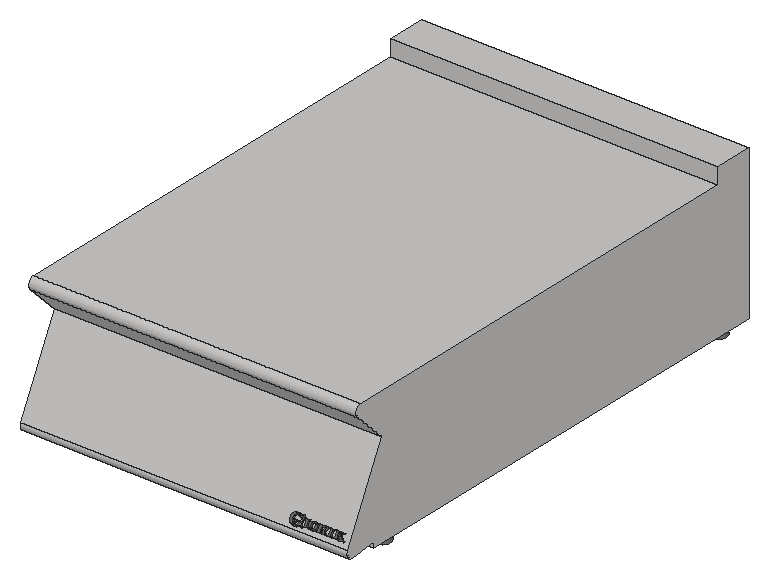
Revit family "QF_GIORIK_EN930T", category Specialty Equipment, Revit 2014
Parameters (values of type "EN930T")
  Weight in Pounds = 0
  URL Cutsheet = "www.giorik.com"
  URL = "www.giorik.com"
  Status [instance] = ""
  Specification by User [instance] = ""
  Specification by Manufacturer = ""
  Show Logo [instance] = yes
  Show Clearance [instance] = yes
  Serial Number = ""
  Seismic Rating = ""
  SMACNA No = ""
  Revision Code [instance] = ""
  NAFEM Spec ID Number = ""
  Model = "EN930T"
  Masterspec = ""
  Manufacturer = "GIORIK"
  Item Number [instance] = ""
  Installed By [instance] = ""
  Identify Quantity as Lot [instance] = no
  Furnished By [instance] = ""
  Foodservice Equipment Identifier [instance] = yes
  Description = "NEUTRAL UNIT"
  CSI MasterFormat = ""
  Assembly Code = "E1090320"
Reference planes
  plane 1 "Back": y = 0
  plane 2: z = 0
  plane 3 "Left": x = 0
  plane 4 "Right": x = 600
  plane 5 "Front": y = -920
  plane 6 "Top": z = 300
Forms (mm)
  Extrusion 1, solid, visible <- "Show Logo"
    sketch origin (396.604, -936.761, 9.486) x (-1, 0, 0) y (0, 0.452718, 0.891654)
      loop
        line (-118.824, 58.358) -> (-127.804, 58.358) -> (-125.523, 56.445) -> (-125.523, 48.027) -> (-127.804, 46.113) -> (-118.824, 46.113) -> (-121.105, 48.027) -> (-121.105, 56.445) -> (-118.824, 58.358)
      loop
        line (-163.721, 58.358) -> (-172.7, 58.358) -> (-170.42, 56.445) -> (-170.42, 48.027) -> (-172.7, 46.113) -> (-163.721, 46.113) -> (-166.001, 48.027) -> (-166.001, 56.445) -> (-163.721, 58.358)
      loop
        line (-174.332, 58.358) -> (-183.312, 58.358) -> (-181.031, 56.445) -> (-181.031, 52.435) -> (-186.419, 56.955) -> (-184.416, 58.358) -> (-191.268, 58.358) -> (-188.01, 56.839) -> (-185.455, 54.283) -> (-190.846, 47.858) -> (-193.396, 46.93) -> (-193.396, 46.113) -> (-184.416, 46.113) -> (-185.437, 47.571) -> (-182.443, 51.552) -> (-181.031, 50.894) -> (-181.031, 48.027) -> (-183.312, 46.113) -> (-174.332, 46.113) -> (-176.613, 48.027) -> (-176.613, 56.445) -> (-174.332, 58.358)
      loop
        line (-115.429, 62.063) -> (-115.429, 54.198)
        arc (-115.429, 54.198) -> (-111.618, 57.803) -> (-106.847, 59.986) r 16.039
        arc (-106.847, 59.986) -> (-103.314, 59.837) -> (-100.512, 57.68) r 5.851
        arc (-100.512, 57.68) -> (-98.815, 52.267) -> (-100.512, 46.853) r 9.479
        arc (-100.512, 46.853) -> (-102.406, 44.986) -> (-104.846, 43.93) r 7.236
        arc (-104.846, 43.93) -> (-107.728, 44.111) -> (-110.052, 45.825) r 5.11
        line (-110.052, 45.825) -> (-110.052, 52.001) -> (-116.141, 52.001) -> (-116.141, 45.503) -> (-117.893, 43.751) -> (-114.094, 44.769)
        arc (-114.094, 44.769) -> (-112.56, 44.947) -> (-111.129, 44.366) r 3.115
        arc (-111.129, 44.366) -> (-104.216, 42.091) -> (-97.303, 44.366) r 11.641
        arc (-97.303, 44.366) -> (-93.396, 52.107) -> (-97.303, 59.849) r 9.622
        arc (-97.303, 59.849) -> (-104.369, 62.174) -> (-111.435, 59.849) r 11.898
        line (-111.435, 59.849) -> (-115.429, 62.063)
      loop
        arc (-129.234, 56.068) -> (-135.893, 58.628) -> (-142.552, 56.068) r 9.941
        arc (-142.552, 56.068) -> (-144.234, 52.286) -> (-142.552, 48.505) r 5.093
        arc (-142.552, 48.505) -> (-135.893, 45.945) -> (-129.234, 48.505) r 9.941
        arc (-129.234, 48.505) -> (-127.552, 52.286) -> (-129.234, 56.068) r 5.093
      loop
        arc (-132.628, 54.403) -> (-135.893, 57.668) -> (-139.158, 54.403) r 3.265
        line (-139.158, 54.403) -> (-139.158, 50.169)
        arc (-139.158, 50.169) -> (-135.893, 46.904) -> (-132.628, 50.169) r 3.265
        line (-132.628, 50.169) -> (-132.628, 54.403)
      loop
        arc (-156.363, 58.365) -> (-159.647, 55.081) -> (-156.363, 51.796) r 3.285
        line (-156.363, 51.796) -> (-159.529, 47.306) -> (-162.087, 46.113) -> (-155.847, 46.113) -> (-153.529, 51.083) -> (-150.637, 51.083) -> (-150.637, 47.784) -> (-153.022, 46.113) -> (-144.011, 46.113) -> (-146.094, 47.68) -> (-146.094, 56.493) -> (-144.229, 58.365) -> (-156.363, 58.365)
      loop
        line (-150.637, 57.512) -> (-153.637, 57.512)
        arc (-153.637, 57.512) -> (-156.237, 54.912) -> (-153.637, 52.312) r 2.6
        line (-153.637, 52.312) -> (-150.637, 52.312) -> (-150.637, 57.512)
      loop
        line (-108.924, 52.001) -> (-104.936, 49.005) -> (-100.948, 52.001) -> (-108.924, 52.001)
    from 1.5 to -0.5
  Extrusion 2, solid
    sketch origin (0, 800, -620) x (0, 1, 0) y (0, 0, 1)
      loop
        line (-800, 919.988) -> (-870, 919.988) -> (-870, 889.988) -> (-1688.806, 889.988)
        arc (-1688.806, 889.988) -> (-1699.151, 883.075) -> (-1696.724, 870.873) r 11.197
        line (-1696.724, 870.873) -> (-1640.876, 815.025) -> (-1718.948, 661.258)
        arc (-1718.948, 661.258) -> (-1718.233, 650.105) -> (-1708.118, 645.354) r 10.981
        line (-1708.118, 645.354) -> (-1660, 649.925) -> (-1660, 640) -> (-800, 640) -> (-800, 919.988)
    from 0 to 600
  Extrusion 3, solid
    sketch origin (543.603, 45.293, -30) x (0, 1, 0) y (-1, 0, 0)
      loop
        circle (-79.293, 516.603) r 5
    from 41.965 to 50
  Revolve 4, solid
    sketch origin (27, 49.943, -600) x (0, 1, 0) y (0, 0, 1)
      loop
        line (-83.943, 611.965) -> (-94.752, 611.965) -> (-97.943, 600) -> (-83.943, 600) -> (-83.943, 611.965)
      axis (-83.943, 611.965) -> (-83.943, 600)
    angle from 0 to 360
  Extrusion 5, solid
    sketch origin (56.397, 45.293, -30) x (0, 1, 0) y (-1, 0, 0)
      loop
        circle (-79.293, -516.603) r 5
    from 41.965 to 50
  Revolve 6, solid
    sketch origin (573, 49.943, -600) x (0, 1, 0) y (0, 0, -1)
      loop
        line (-83.943, -611.965) -> (-83.943, -600) -> (-97.943, -600) -> (-94.752, -611.965) -> (-83.943, -611.965)
      axis (-83.943, -611.965) -> (-83.943, -600)
    angle from 0 to 360
  Extrusion 7, solid
    sketch origin (543.603, -724.774, -30) x (0, 1, 0) y (-1, 0, 0)
      loop
        circle (-79.293, 516.603) r 5
    from 41.965 to 50
  Revolve 8, solid
    sketch origin (27, -720.125, -600) x (0, 1, 0) y (0, 0, 1)
      loop
        line (-83.943, 611.965) -> (-94.752, 611.965) -> (-97.943, 600) -> (-83.943, 600) -> (-83.943, 611.965)
      axis (-83.943, 611.965) -> (-83.943, 600)
    angle from 0 to 360
  Extrusion 9, solid
    sketch origin (56.397, -724.774, -30) x (0, 1, 0) y (-1, 0, 0)
      loop
        circle (-79.293, -516.603) r 5
    from 41.965 to 50
  Revolve 10, solid
    sketch origin (573, -720.125, -600) x (0, 1, 0) y (0, 0, -1)
      loop
        line (-83.943, -611.965) -> (-83.943, -600) -> (-97.943, -600) -> (-94.752, -611.965) -> (-83.943, -611.965)
      axis (-83.943, -611.965) -> (-83.943, -600)
    angle from 0 to 360
Lines and regions (mm)
  symbolic lines, style "200-EquipBorder-2D"
    curve 1: line (0, -920, 0) -> (600, -920, 0)
    curve 2: line (600, -920, 0) -> (600, 0, 0)
    curve 3: line (600, 0, 0) -> (0, 0, 0)
    curve 4: line (0, 0, 0) -> (0, -920, 0)
  symbolic lines, style "200-EquipInternal-2D"
    curve 5: line (0, -70, 300) -> (600, -70, 300)
Dimensions and locks
  plane 3 "Left" to plane 4 "Right" = 600 mm
  plane 5 "Front" to plane 1 "Back" = 920 mm
  plane 4 "Right" to plane 3 "Left" = 600 mm
  plane 1 "Back" to plane 5 "Front" = 920 mm
  plane 6 "Top" to level = 300 mm  (x2)
  aligned and locked: level to plane 2
